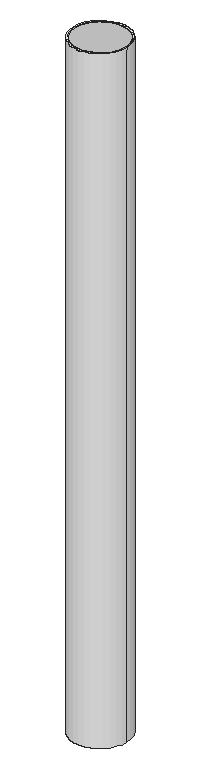
Revit family "CFT-파이프-기둥", category 구조 기둥, Revit 2026
Family settings
  단면 모양 = 정의되지 않음
  모델 동작 재료 = 스틸
  항상 형상으로 내보내기 = 아니오
  평면의 보 전환 = 형상에서
  로드될 때 보이드를 사용하여 절단 = 아니오
  기호 표현 = 프로젝트 설정에서
  공유 = 아니오
  평면도에서 미리 절단된 패밀리 표시 = 예
Parameters (values of type "CFT216.3x6")
  기둥 재료 [instance] = 금속 - 스틸 - 345 MPa
  Assembly Code = ""
  Structural Material [instance] = 콘크리트 - 현장타설 콘크리트
  A = 0.004 m²
  W = 0.30499
  OD = 216.3 mm
  t = 6 mm
Reference planes
  plane 1 "중심(앞/뒤)": y = 0
  plane 2: z = 0
  plane 3 "중심(왼쪽/오른쪽)": x = 0
  plane 4: x = -108.15
  plane 5: x = 108.15
  plane 6: y = 108.15
  plane 7: y = -108.15
  plane 8: x = -102.15
  plane 9: x = 102.15
Forms (mm)
  Extrusion 1, solid, material "금속 - 스틸 - 345 MPa" <- "기둥 재료", detail levels medium+fine
    sketch origin (0, 0, 0) x (1, 0, 0) y (0, 1, 0)
      loop
        circle (0, 0) r 108.15
      loop
        circle (0, 0) r 102.15
    from 0 to 2500
  Extrusion 2, solid, material "콘크리트 - 현장타설 콘크리트" <- "Structural Material", detail levels medium+fine
    sketch origin (0, 0, 0) x (1, 0, 0) y (0, 1, 0)
      loop
        circle (0, 0) r 102.15
    from 0 to 2500
Lines and regions (mm)
  symbolic lines, style "StructuralColumnStickSymbols", detail levels coarse
    curve 1: arc (-108.15, 0, 0) -> (0, -108.15, 0) -> (108.15, 0, 0) r 108.15
    curve 2: arc (108.15, 0, 0) -> (0, 108.15, 0) -> (-108.15, 0, 0) r 108.15
Dimensions and locks
  equal spacing: plane 4, plane 3 "중심(왼쪽/오른쪽)", plane 5
  equal spacing: plane 7, plane 1 "중심(앞/뒤)", plane 6
  "OD": plane 7 to plane 6
  "OD": plane 4 to plane 5
  "t": plane 4 to plane 8
  "t": plane 9 to plane 5
  aligned and locked: level to Extrusion 1
  aligned and locked: level to plane 2
  aligned and locked: Extrusion 1 to plane 2
  aligned and locked: curve 1 to Extrusion 1
  aligned and locked: Extrusion 2 sketch curve to Extrusion 1
  aligned and locked: level to Extrusion 2
  aligned and locked: Extrusion 2 to plane 2
Automatic sketch dimensions
  Extrusion 1 sketch curve to plane 1 "중심(앞/뒤)" = 0 mm  (x2)
  Extrusion 1 sketch curve to plane 4 = 0 mm
  Extrusion 1 sketch curve to plane 8 = 0 mm
  Extrusion 1 sketch curve to plane 3 "중심(왼쪽/오른쪽)" = 0 mm  (x2)
